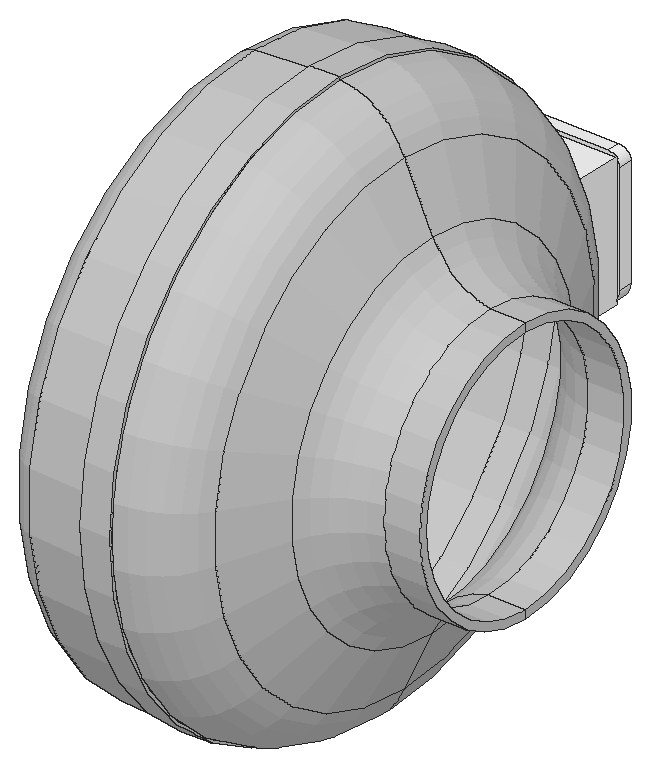
Revit family "CK 160 C AC_7000050", category Mechanical Equipment, Revit 2014
Parameters (values of type "CK 160 C AC")
  Wiring diagram = "4040001"
  Weight = 4.00 kg
  Voltage range = "220-240 / 50/60 V/Hz"
  Voltage = 230 V
  Speed = "2480 rpm"
  Sound pressure level at 3 m = "49 dB(A)"
  Power = 101 W
  Phase = 1
  Max. temperature of transported air when speed controlled = 65 °C
  Max. temperature of transported air = 65 °C
  Main Material = Steel, Galvanized
  Frequency = 50 Hz
  Elevation [instance] = 2772.5 mm
  Diameter = 159 mm
  Current = 0.44 A
  Capacitor = "3 μF"
Reference planes
  plane 1 "Center (Front/Back)": y = 0
  plane 2: z = 0
  plane 3 "Center (Left/Right)": x = 0
  plane 4: z = 2772.5
Dimensions and locks
  "Elevation": plane 4 to plane 2
  aligned and locked: level to plane 2
  aligned and locked: plane 3 "Center (Left/Right)" to nested 1
  aligned and locked: plane 1 "Center (Front/Back)" to nested 1
  aligned and locked: plane 1 "Center (Front/Back)" to nested 2
  aligned and locked: nested 1 to nested 2
  aligned and locked: nested 1 to plane 4
Nested families
  nested 1: "CK 160 C AC_CK 160 C EC_geometry" at (0, 0, 2600), type "CK 160 C AC_CK 160 C EC_geometry"
  nested 2: "Flow direction symbol" at (0, 0, 0), type "Flow direction symbol"
Connectors
  hvac at (-113, 0, 2772.5), driven by "Diameter"
    settings: on nested 1, index 1, duct flow 0.0 L/s, flow factor 0, pres drop 0.0 Pa, loss coef 0, conn angle 0.00°, conn width 304.8 mm, conn height 304.8 mm, conn diameter 159 mm, duct sys type 1, conn prof type 0, flow config 0, flow direction 1, loss method 0, conn ref index -1, conn util no, is conn primary yes, conn desc ""
  hvac at (113, 0, 2772.5), driven by "Diameter"
    settings: on nested 1, index 2, duct flow 0.0 L/s, flow factor 0, pres drop 0.0 Pa, loss coef 0, conn angle 0.00°, conn width 304.8 mm, conn height 304.8 mm, conn diameter 159 mm, duct sys type 3, conn prof type 0, flow config 0, flow direction 2, loss method 0, conn ref index -1, conn util no, is conn primary no, conn desc ""
  electrical at (-41.002, 213.31, 2773.759), driven by "Phase", driven by "Voltage"
    settings: on nested 1, index 3, voltage 230 V, apparent load 0 VA, apparent load phase1 0 VA, apparent load phase2 0 VA, apparent load phase3 0 VA, power factor 1, load classification "Other", number of poles 1, system type 31, power factor state 1, is connector primary yes, connector utility no, sub classification motor no, connector description ""
Definition of nested family "CK 160 C AC_CK 160 C EC_geometry"
  Parameters (values of type "CK 160 C AC_CK 160 C EC_geometry")
    Main Material = Steel, Galvanized
  Reference planes
    plane 1 "Center (Front/Back)": y = 0
    plane 2: z = 0
    plane 3 "Center (Left/Right)": x = 0
    plane 4: z = 172.5
    plane 5: y = 213.31
    plane 6: y = 172.5
    plane 7: y = -172.5
    plane 8: x = -113
    plane 9: x = 113
    plane 10: z = 345
  Forms (mm)
    Revolve 1, solid, material "Steel, Galvanized" <- "Main Material", detail levels medium+fine
      sketch origin (0, 0, 0) x (1, 0, 0) y (0, 0, 1)
        loop
          line (-113, 172.5) -> (-113, 93) -> (-84.85, 93)
          arc (-84.85, 93) -> (-83.248, 92.412) -> (-82.408, 90.926) r 2.476
          line (-82.408, 90.926) -> (-68.006, 23.17)
          arc (-68.006, 23.17) -> (-61.54, 10.599) -> (-49.597, 3.035) r 26.929
          line (-49.597, 3.035) -> (-16.199, 1.284) -> (-16.199, 0) -> (1.448, 0) -> (1.448, 1.339)
          arc (1.448, 1.339) -> (25.084, 9.932) -> (40.562, 29.756) r 45.566
          line (40.562, 29.756) -> (57.466, 66.009)
          arc (57.466, 66.009) -> (71.363, 83.567) -> (91.671, 93) r 48.448
          line (91.671, 93) -> (113, 93) -> (113, 172.5) -> (-113, 172.5)
        axis (-113, 172.5) -> (113, 172.5)
      angle from 0 to 360
    Extrusion 2, solid, material "Plastic", detail levels medium+fine
      sketch origin (2.5, 53.648, 51.25) x (1, 0, 0) y (0, 0, 1)
        loop
          line (-4.004, 163.259) -> (-83, 163.259)
          arc (-83, 163.259) -> (-87.95, 161.209) -> (-90, 156.259) r 7
          line (-90, 156.259) -> (-90, 90.259)
          arc (-90, 90.259) -> (-87.071, 83.188) -> (-80, 80.259) r 10
          line (-80, 80.259) -> (-7.004, 80.259)
          arc (-7.004, 80.259) -> (0.067, 83.188) -> (2.996, 90.259) r 10
          line (2.996, 90.259) -> (2.996, 156.259)
          arc (2.996, 156.259) -> (0.945, 161.209) -> (-4.004, 163.259) r 7
      from -159.662 to -151.628
    Extrusion 3, solid, material "Plastic", detail levels medium+fine
      sketch origin (2.5, 53.648, 51.25) x (0, 1, 0) y (0, 0, 1)
        loop
          line (118.852, 161.259) -> (118.852, 81.741) -> (151.628, 81.741) -> (151.628, 161.259) -> (118.852, 161.259)
      from -88 to 1
    Revolve 4, solid, material "Steel, Galvanized" <- "Main Material", detail levels coarse
      sketch origin (0, 0, 0) x (1, 0, 0) y (0, 0, 1)
        loop
          line (113, 172.5) -> (-113, 172.5) -> (-113, 93) -> (-84.048, 93) -> (-67.575, 21.647)
          arc (-67.575, 21.647) -> (-60.993, 10.016) -> (-49.138, 3.848) r 23.521
          arc (-49.138, 3.848) -> (-13.985, 0.064) -> (20.819, 6.291) r 124.81
          arc (20.819, 6.291) -> (30.359, 11.974) -> (36.602, 21.158) r 25.65
          line (36.602, 21.158) -> (58.444, 70.216)
          arc (58.444, 70.216) -> (71.838, 86.303) -> (91.671, 93) r 38.487
          line (91.671, 93) -> (113, 93) -> (113, 172.5)
        axis (-113, 172.5) -> (113, 172.5)
      angle from 0 to 360
    Revolve 5, void
      sketch origin (0, 0, 0) x (1, 0, 0) y (0, 0, 1)
        loop
          line (-113, 172.5) -> (-113, 98) -> (-84.85, 98)
          arc (-84.85, 98) -> (-80.069, 96.271) -> (-77.499, 91.883) r 7.476
          line (-77.499, 91.883) -> (-63.115, 24.21)
          arc (-63.115, 24.21) -> (-58.047, 14.191) -> (-48.684, 7.994) r 21.929
          line (-48.684, 7.994) -> (-15.937, 6.278) -> (0.267, 6.278)
          arc (0.267, 6.278) -> (21.858, 13.771) -> (35.972, 31.746) r 40.566
          line (35.972, 31.746) -> (52.935, 68.122)
          arc (52.935, 68.122) -> (68.47, 87.652) -> (91.178, 98) r 53.448
          line (91.178, 98) -> (113, 98) -> (113, 172.5) -> (-113, 172.5)
        axis (-113, 172.5) -> (113, 172.5)
      angle from 0 to 360
  Cuts and joins
    Revolve 5 cuts Revolve 1
  Dimensions and locks
    plane 6 to plane 1 "Center (Front/Back)" = 172.5 mm
    aligned and locked: level to plane 2
Definition of nested family "Flow direction symbol"
  Parameters (values of type "Flow direction symbol")
    Warning = "!"
    Text = "DIMENSIONS OVERCONSTRAINT"
  Reference planes
    plane 1: y = 0
    plane 2: x = 0
  Lines and regions (mm)
    detail lines
      curve 1: line (-0.506, 0.877, 0) -> (-0.506, -0.877, 0)
      curve 2: line (1.012, 0, 0) -> (-0.506, -0.877, 0)
      curve 3: line (-0.506, 0.877, 0) -> (1.012, 0, 0)
      curve 4: circle (0, 0, 0) r 1 normal (0, 0, 1)
